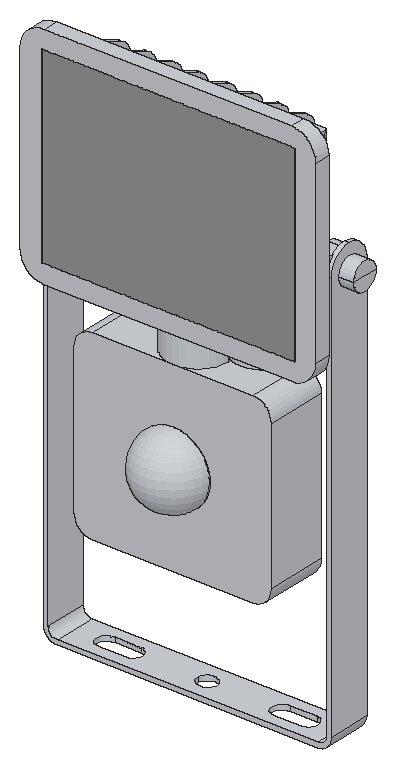
Revit family "0047114", category Lighting Fixtures, Revit 2017
Family settings
  Round Connector Dimension = Use Diameter
  Part Type = Normal
  OmniClass Number = 23.80.70.00
  OmniClass Title = Lighting
  Work Plane-Based = No
  Always vertical = Yes
  Cut with Voids When Loaded = No
  Light Source = Yes
  Shared = No
  Room Calculation Point = No
Parameters (values of type "0047114 SYLFLOOD IP54 PIR 950LM 830 BLACK")
  Weight = "2.85 kg"
  Wattage = 10 W
  WarrantyStartDate [instance] = "n/a"
  WarrantyGuarantorParts = "n/a"
  WarrantyDurationUnit = "n/a"
  WarrantyDurationParts = "n/a"
  WarrantyDescription = "n/a"
  built-in parameter 1150110 = 1 (stored number, unit not read)
  Voltage = 0 V
  URL = "http://www.sylvania-lighting.com"
  TypeName = "SylFlood IP54 PIR 950LM 830 Black"
  built-in parameter 1114217 = 1 (stored number, unit not read)
  Tilt Angle = 0.00°
  built-in parameter 1150109 = 1 (stored number, unit not read)
  built-in parameter 1150134 = (empty or 0)
  built-in parameter 1150113 = 1 (stored number, unit not read)
  SerialNumber [instance] = "n/a"
  PowerFactor = 0.9
  PowerConsumption = "10.0 W"
  Photometric Web File = "0047114.ies"
  NominalWidth = 0 mm
  NominalLength = 190 mm
  NominalHeight = 52 mm
  Name = "SylFlood IP54 PIR 950LM 830 Black"
  ModelReference = "SylFlood IP54 PIR 950LM 830 Black"
  ModelNumber = "0047114"
  Model = "SylFlood IP54 PIR 950LM 830 Black"
  Material_4_FEILO = none
  Material_3_FEILO = none
  Material_2_FEILO = Default New Material
  Material_1_FEILO = none
  Material = "n/a"
  ManufacturerName = "Feilo Sylvania"
  Manufacturer = "Feilo Sylvania"
  LuminousEfficacy = "95 lm/W"
  Lumens = 950 lm
  LuminaireType = ""
  built-in parameter 1150115 = 1 (stored number, unit not read)
  built-in parameter 1150105 = -350892 (stored number, unit not read)
  LightOutputRatio = "n/a"
  built-in parameter 1150137 = (empty or 0)
  built-in parameter 1150139 = (empty or 0)
  LampsType = "LED"
  LampNominalLuminous = "950 lm"
  LampMacAdamStep = "5"
  LampColourTemperature = "3000 K"
  LampColourRenderingIndex = "80"
  built-in parameter 1150112 = 1 (stored number, unit not read)
  built-in parameter 1150114 = 1 (stored number, unit not read)
  Lamp = "LED"
  LUM_WIDTH_SYL = if([0_18W_SYL], 57 mm, 48 mm)  # 48 mm
  LUM_HEIGHT_SYL = if([0_18W_SYL], 43 mm, 37 mm)  # 37 mm
  LUM_EXTR_ST_SYL = -5 mm
  LUM_EXTR_END_SYL = 0 mm
  LUM_DEPTH_SYL = 22 mm
  Keynote = "16500"
  InstallationDate [instance] = "n/a"
  InputVoltage = "n/a"
  InputNominalFrequency = "n/a"
  built-in parameter 1150132 = 2
  built-in parameter 1150102 = (empty or 0)
  built-in parameter 1150138 = (empty or 0)
  built-in parameter 1150107 = 3000 (stored number, unit not read)
  IngressProtection = "IP54"
  ImpactProtectionIndex = "IK06"
  built-in parameter 1150106 = -3508.9 (stored number, unit not read)
  IfcExportType = "IfcLightFixtureType"
  IfcExportAs = "IfcLightFixtureType"
  ElectricShockClassification = "Class I"
  built-in parameter 1150104 = 8.8258 (stored number, unit not read)
  DocumentationLiterature = "http://www.sylvania-lighting.com/product/en-int/products/0047114"
  DimmingControlOptions = "n/a"
  Dimming Lamp Color Temperature Shift = <None>
  DIF_WIDTH_SYL = if([0_18W_SYL], 49 mm, 41 mm)  # 41 mm
  DIF_HEIGHT_SYL = if([0_18W_SYL], 36 mm, 31 mm)  # 31 mm
  CreatedOn = "44168"
  CreatedBy = "@sylvania-lighting.com"
  Color Filter = 16777215
  ClassificationValue = "EF_70_80"
  ClassificationName = "Uniclass2015"
  CABLE_SIDE_DIST_SYL = 28.5 mm
  CABLE_LENGTH_SYL = 5 mm
  CABLE_FRONT_DIST_SYL = 14 mm
  CABLES_DIST_SYL = 39 mm
  BarCode [instance] = "n/a"
  built-in parameter 1114218 = 1 (stored number, unit not read)
  B_RAIL_R_DIST_SYL = 7 mm
  B_RAIL_HEIGHT_SYL = 21 mm
  B_RAIL_DEPTH_SYL = 44 mm
  B_RAIL_CHAMFER_SYL = 7 mm
  BRACKET_HOLDER_WIDTH_SYL = 12 mm
  BRACKET_HOLDER_HEIGHT_SYL = 15 mm
  BRACKET_HOLDER_DIST_SIDE_SYL = 2.8 mm
  BRACKET_HOLDER_DIST_BOTT_SYL = 22 mm
  BRACKET_HOLDER_DEPTH_SYL = 5.7 mm
  BOX_WIDTH_SYL = 36.5 mm
  BOX_TOP_DIST_SYL = 10.5 mm
  BOX_DEPTH_SYL = 13 mm
  BOX_BOTT_DIST_SYL = 28 mm
  BACK_RAIL_WIDTH_SYL = 1.4 mm
  BACK_RAIL_SIDE_DIST_SYL = 17.4 mm
  BACK_PL_EXTR_ST_SYL = -6 mm
  BACK_PL_EXTR_ST(-1)_SYL = BACK_PL_EXTR_ST_SYL * (-1)  # 6 mm
  BACK_PL_EXTR_END_SYL = -3 mm
  BACK_PL_EXTR_END(-1)_SYL = BACK_PL_EXTR_END_SYL * (-1)  # 3 mm
  built-in parameter 1150133 = 10 (stored number, unit not read)
  AssetType = "Fixed"
  AssetIdentifier [instance] = "n/a"
  Assembly Code = "D5020200"
  Apparent Load = 10 VA
  0_18W_SYL = no
Types (4, lengths in mm): name | TypeName | built-in parameter 1150134 | Photometric Web File | Name | ModelReference | ModelNumber | Model | LuminousEfficacy | Lumens | built-in parameter 1150105 | LampNominalLuminous | LampColourTemperature | built-in parameter 1150107 | built-in parameter 1150106 | built-in parameter 1150104 | DocumentationLiterature
  0047117 SYLFLOOD IP54 PIR 1000LM 840 WHITE | "SylFlood IP54 PIR 1000LM 840 White" | 12 | "0047117.ies" | "SylFlood IP54 PIR 1000LM 840 White" | "SylFlood IP54 PIR 1000LM 840 White" | "0047117" | "SylFlood IP54 PIR 1000LM 840 White" | "100 lm/W" | 1000 lm | -388800 (stored number, unit not read) | "1000 lm" | "4000 K" | 4000 (stored number, unit not read) | -3888 (stored number, unit not read) | 9.2903 (stored number, unit not read) | "http://www.sylvania-lighting.com/product/en-int/products/0047117"
  0047116 SYLFLOOD IP54 PIR 950LM 830 WHITE | "SylFlood IP54 PIR 950LM 830 White" | (empty or 0) | "0047116.ies" | "SylFlood IP54 PIR 950LM 830 White" | "SylFlood IP54 PIR 950LM 830 White" | "0047116" | "SylFlood IP54 PIR 950LM 830 White" | "95 lm/W" | 950 lm | -350892 (stored number, unit not read) | "950 lm" | "3000 K" | 3000 (stored number, unit not read) | -3508.9 (stored number, unit not read) | 8.8258 (stored number, unit not read) | "http://www.sylvania-lighting.com/product/en-int/products/0047116"
  0047115 SYLFLOOD IP54 PIR 1000LM 840 BLACK | "SylFlood IP54 PIR 1000LM 840 Black" | 12 | "0047115.ies" | "SylFlood IP54 PIR 1000LM 840 Black" | "SylFlood IP54 PIR 1000LM 840 Black" | "0047115" | "SylFlood IP54 PIR 1000LM 840 Black" | "100 lm/W" | 1000 lm | -388800 (stored number, unit not read) | "1000 lm" | "4000 K" | 4000 (stored number, unit not read) | -3888 (stored number, unit not read) | 9.2903 (stored number, unit not read) | "http://www.sylvania-lighting.com/product/en-int/products/0047115"
  0047114 SYLFLOOD IP54 PIR 950LM 830 BLACK | "SylFlood IP54 PIR 950LM 830 Black" | (empty or 0) | "0047114.ies" | "SylFlood IP54 PIR 950LM 830 Black" | "SylFlood IP54 PIR 950LM 830 Black" | "0047114" | "SylFlood IP54 PIR 950LM 830 Black" | "95 lm/W" | 950 lm | -350892 (stored number, unit not read) | "950 lm" | "3000 K" | 3000 (stored number, unit not read) | -3508.9 (stored number, unit not read) | 8.8258 (stored number, unit not read) | "http://www.sylvania-lighting.com/product/en-int/products/0047114"
Reference planes
  plane 1 "Light Source Axis (F/B)": y = 0
  plane 2: z = 0
  plane 3 "Light Source Axis (L/R)": x = 0
  plane 4 "Light Source Elevation": z = -0.469
  plane 5: x = 48
  plane 6: x = -48
  plane 7: z = 37
  plane 8: z = -37
  plane 9: x = 41
  plane 10: x = -41
  plane 11: z = 31
  plane 12: z = -31
  plane 13: y = 6
  plane 14: y = 3
  plane 15: x = -36.5
  plane 16: x = 36.5
  plane 17: y = 19
  plane 18: z = 26.5
  plane 19: z = -9
  plane 20: y = 22
  plane 21: z = -15
  plane 22: z = -3
  plane 23: y = 21
  plane 24: x = 45.2
  plane 25: x = 39.5
  plane 26: x = 19.5
  plane 27: x = -19.5
  plane 28: y = 14
  plane 29: z = -42
  plane 30: y = 21
  plane 31: z = 35
  plane 32: z = 28
  plane 33: x = 30.6
  plane 34: x = 29.2
  plane 35: x = 22.2
  plane 36: x = 20.8
  plane 37: x = 13.8
  plane 38: x = 12.4
  plane 39: x = 5.4
  plane 40: x = 4
Forms (mm)
  Extrusion 1, solid
    sketch origin (0, 0, 0) x (1, 0, 0) y (0, 0, 1)
      loop
        arc (-40, 37) -> (-45.657, 34.657) -> (-48, 29) r 8
        line (-48, 29) -> (-48, -29)
        arc (-48, -29) -> (-45.657, -34.657) -> (-40, -37) r 8
        line (-40, -37) -> (40, -37)
        arc (40, -37) -> (45.657, -34.657) -> (48, -29) r 8
        line (48, -29) -> (48, 29)
        arc (48, 29) -> (45.657, 34.657) -> (40, 37) r 8
        line (40, 37) -> (-40, 37)
      loop
        line (-41, 31) -> (-41, -31) -> (41, -31) -> (41, 31) -> (-41, 31)
    from -5 <- "LUM_EXTR_ST_SYL" to 0 <- "LUM_EXTR_END_SYL"
  Extrusion 2, solid, material "Default New Material" <- "Material_2_FEILO"
    sketch origin (0, 0, 0) x (1, 0, 0) y (0, 0, 1)
      loop
        line (-41, 31) -> (-41, -31) -> (41, -31) -> (41, 31) -> (-41, 31)
    from -3 <- "BACK_PL_EXTR_END_SYL" to 0 <- "LUM_EXTR_END_SYL"
  Extrusion 3, solid
    sketch origin (0, 0, 0) x (1, 0, 0) y (0, 0, 1)
      loop
        line (41, 31) -> (-41, 31) -> (-41, -31) -> (41, -31) -> (41, 31)
    from -6 <- "BACK_PL_EXTR_ST_SYL" to -3 <- "BACK_PL_EXTR_END_SYL"
  Extrusion 4, solid
    sketch origin (0, 0, 0) x (1, 0, 0) y (0, 1, 0)
      loop
        arc (-35.5, 19) -> (-36.207, 18.707) -> (-36.5, 18) r 1
        line (-36.5, 18) -> (-36.5, 6) -> (36.5, 6) -> (36.5, 18)
        arc (36.5, 18) -> (36.207, 18.707) -> (35.5, 19) r 1
        line (35.5, 19) -> (-35.5, 19)
    from -9 to 26.5
  Extrusion 5, solid
    sketch origin (0, 0, 0) x (1, 0, 0) y (0, 1, 0)
      loop
        arc (-28.5, 22) -> (-34.157, 19.657) -> (-36.5, 14) r 8
        line (-36.5, 14) -> (-36.5, 6) -> (36.5, 6) -> (36.5, 14)
        arc (36.5, 14) -> (34.157, 19.657) -> (28.5, 22) r 8
        line (28.5, 22) -> (-28.5, 22)
    from -31 to -9
  Extrusion 6, solid
    sketch origin (0, 0, 0) x (0, 1, 0) y (0, 0, 1)
      loop
        line (6, -3) -> (6, -15) -> (15, -15)
        arc (15, -15) -> (19.243, -13.243) -> (21, -9) r 6
        arc (21, -9) -> (19.243, -4.757) -> (15, -3) r 6
        line (15, -3) -> (6, -3)
      loop
        circle (15, -9) r 2.5
    from 39.5 to 45.2
  Extrusion 7, solid
    sketch origin (0, 0, 0) x (0, 1, 0) y (0, 0, -1)
      loop
        line (6, 3) -> (15, 3)
        arc (15, 3) -> (19.243, 4.757) -> (21, 9) r 6
        arc (21, 9) -> (19.243, 13.243) -> (15, 15) r 6
        line (15, 15) -> (6, 15) -> (6, 3)
      loop
        circle (15, 9) r 2.5
    from 39.5 to 45.2
  Extrusion 8, solid
    sketch origin (0, 0, 0) x (1, 0, 0) y (0, 1, 0)
      loop
        circle (-19.5, 14) r 7
      loop
        circle (19.5, 14) r 9
    from -42 to -31
  Extrusion 9, solid
    sketch origin (0, 0, 0) x (0, 1, 0) y (0, 0, 1)
      loop
        line (5, -9) -> (21, -9) -> (21, 24.73)
        arc (21, 24.73) -> (20.185, 27.467) -> (18.004, 29.311) r 5
        line (18.004, 29.311) -> (5, 35) -> (5, 28) -> (5, -9)
    from 29.2 to 30.6
  Extrusion 10, solid
    sketch origin (-1.583, 0.014, 0) x (0, 1, 0) y (0, 0, 1)
      loop
        line (5, -9) -> (21, -9) -> (21, 24.73)
        arc (21, 24.73) -> (20.185, 27.467) -> (18.004, 29.311) r 5
        line (18.004, 29.311) -> (5, 35) -> (5, 28) -> (5, -9)
    from 22.383 to 23.783
  Extrusion 11, solid
    sketch origin (-1.583, 0.014, 0) x (0, 1, 0) y (0, 0, 1)
      loop
        line (5, -9) -> (21, -9) -> (21, 24.73)
        arc (21, 24.73) -> (20.185, 27.467) -> (18.004, 29.311) r 5
        line (18.004, 29.311) -> (5, 35) -> (5, 28) -> (5, -9)
    from 5.583 to 6.983
  Extrusion 12, solid
    sketch origin (-1.583, 0.014, 0) x (0, 1, 0) y (0, 0, 1)
      loop
        line (5, -9) -> (21, -9) -> (21, 24.73)
        arc (21, 24.73) -> (20.185, 27.467) -> (18.004, 29.311) r 5
        line (18.004, 29.311) -> (5, 35) -> (5, 28) -> (5, -9)
    from 13.983 to 15.383
  Extrusion 13, solid
    sketch origin (0, 0, 0) x (0, 1, 0) y (0, 0, -1)
      loop
        line (5, 9) -> (5, -28) -> (5, -35) -> (18.004, -29.311)
        arc (18.004, -29.311) -> (20.185, -27.467) -> (21, -24.73) r 5
        line (21, -24.73) -> (21, 9) -> (5, 9)
    from 29.2 to 30.6
  Extrusion 14, solid
    sketch origin (1.583, 0.014, 0) x (0, 1, 0) y (0, 0, -1)
      loop
        line (5, 9) -> (5, -28) -> (5, -35) -> (18.004, -29.311)
        arc (18.004, -29.311) -> (20.185, -27.467) -> (21, -24.73) r 5
        line (21, -24.73) -> (21, 9) -> (5, 9)
    from 22.383 to 23.783
  Extrusion 15, solid
    sketch origin (1.583, 0.014, 0) x (0, 1, 0) y (0, 0, -1)
      loop
        line (5, 9) -> (5, -28) -> (5, -35) -> (18.004, -29.311)
        arc (18.004, -29.311) -> (20.185, -27.467) -> (21, -24.73) r 5
        line (21, -24.73) -> (21, 9) -> (5, 9)
    from 13.983 to 15.383
  Extrusion 16, solid
    sketch origin (1.583, 0.014, 0) x (0, 1, 0) y (0, 0, -1)
      loop
        line (5, 9) -> (5, -28) -> (5, -35) -> (18.004, -29.311)
        arc (18.004, -29.311) -> (20.185, -27.467) -> (21, -24.73) r 5
        line (21, -24.73) -> (21, 9) -> (5, 9)
    from 5.583 to 6.983
Cuts and joins
  joined: Extrusion 1, Extrusion 3, Extrusion 4, Extrusion 5
Dimensions and locks
  "LUM_WIDTH_SYL": plane 5 to plane 3 "Light Source Axis (L/R)" to plane 6
  "LUM_HEIGHT_SYL": plane 7 to plane 2 to plane 8
  "DIF_WIDTH_SYL": plane 9 to plane 3 "Light Source Axis (L/R)" to plane 10
  "DIF_HEIGHT_SYL": plane 11 to plane 2 to plane 12
  "BACK_PL_EXTR_ST(-1)_SYL": plane 1 "Light Source Axis (F/B)" to plane 13
  "BACK_PL_EXTR_END(-1)_SYL": plane 1 "Light Source Axis (F/B)" to plane 14
  "BOX_WIDTH_SYL": plane 15 to plane 3 "Light Source Axis (L/R)" to plane 16
  "BOX_DEPTH_SYL": plane 13 to plane 17
  "BOX_TOP_DIST_SYL": plane 18 to plane 7
  "BOX_BOTT_DIST_SYL": plane 8 to plane 19
  "LUM_DEPTH_SYL": plane 1 "Light Source Axis (F/B)" to plane 20
  "BRACKET_HOLDER_DIST_BOTT_SYL": plane 21 to plane 8
  "BRACKET_HOLDER_WIDTH_SYL": plane 22 to plane 21
  "BRACKET_HOLDER_HEIGHT_SYL": cut or joined group of Extrusion 1, Extrusion 3, Extrusion 4, Extrusion 5 to plane 23
  "BRACKET_HOLDER_DIST_SIDE_SYL": cut or joined group of Extrusion 1, Extrusion 3, Extrusion 4, Extrusion 5 to plane 24
  "BRACKET_HOLDER_DEPTH_SYL": plane 25 to plane 24
  "CABLES_DIST_SYL": plane 27 to plane 26
  "CABLE_SIDE_DIST_SYL": plane 26 to plane 5
  "CABLE_FRONT_DIST_SYL": cut or joined group of Extrusion 1, Extrusion 3, Extrusion 4, Extrusion 5 to plane 28
  "CABLE_LENGTH_SYL": plane 29 to cut or joined group of Extrusion 1, Extrusion 3, Extrusion 4, Extrusion 5
  "B_RAIL_HEIGHT_SYL": plane 30 to plane 1 "Light Source Axis (F/B)"
  "B_RAIL_DEPTH_SYL": plane 31 to plane 19
  "B_RAIL_CHAMFER_SYL": plane 31 to plane 32
  "BACK_RAIL_SIDE_DIST_SYL": plane 5 to plane 33
  "BACK_RAIL_WIDTH_SYL": plane 33 to plane 34
  "B_RAIL_R_DIST_SYL": plane 34 to plane 35
  "B_RAIL_R_DIST_SYL": plane 36 to plane 37
  "BACK_RAIL_WIDTH_SYL": plane 37 to plane 38
  "BACK_RAIL_WIDTH_SYL": plane 39 to plane 40
  "B_RAIL_R_DIST_SYL": plane 38 to plane 39
  aligned and locked: plane 4 "Light Source Elevation" to imposter light
  aligned and locked: level to plane 2
  aligned and locked: Extrusion 1 sketch curve to plane 7
  aligned and locked: plane 6 to Extrusion 1 sketch curve
  aligned and locked: plane 8 to Extrusion 1 sketch curve
  aligned and locked: Extrusion 1 sketch curve to plane 5
  aligned and locked: Extrusion 1 sketch curve to plane 11
  aligned and locked: plane 10 to Extrusion 1 sketch curve
  aligned and locked: plane 12 to Extrusion 1 sketch curve
  aligned and locked: Extrusion 1 sketch curve to plane 9
  aligned and locked: Extrusion 2 sketch curve to Extrusion 1  (x4)
  aligned and locked: Extrusion 3 sketch curve to Extrusion 1  (x4)
  aligned and locked: Extrusion 3 to Extrusion 2
  aligned and locked: plane 17 to Extrusion 4 sketch curve
  aligned and locked: plane 15 to Extrusion 4 sketch curve
  aligned and locked: Extrusion 4 sketch curve to plane 13
  aligned and locked: Extrusion 4 sketch curve to plane 16
  aligned and locked: plane 18 to Extrusion 4
  aligned and locked: Extrusion 4 to plane 19
  aligned and locked: plane 20 to Extrusion 5 sketch curve
  aligned and locked: plane 15 to Extrusion 5 sketch curve
  aligned and locked: cut or joined group of Extrusion 1, Extrusion 3, Extrusion 4, Extrusion 5 to Extrusion 5 sketch curve
  aligned and locked: Extrusion 5 sketch curve to cut or joined group of Extrusion 1, Extrusion 3, Extrusion 4, Extrusion 5
  aligned and locked: plane 19 to Extrusion 5
  aligned and locked: Extrusion 5 to plane 12
  aligned and locked: Extrusion 6 sketch curve to plane 22
  aligned and locked: Extrusion 6 sketch curve to plane 13
  aligned and locked: plane 21 to Extrusion 6 sketch curve
  aligned and locked: plane 25 to Extrusion 6
  aligned and locked: Extrusion 6 to plane 24
  aligned and locked: Extrusion 8 to Extrusion 2
  aligned and locked: Extrusion 8 to plane 29
  aligned and locked: cut or joined group of Extrusion 1, Extrusion 3, Extrusion 4, Extrusion 5 to Extrusion 9 sketch curve
  aligned and locked: Extrusion 9 sketch curve to Extrusion 6  (x2)
  aligned and locked: plane 33 to Extrusion 9
  aligned and locked: Extrusion 9 to plane 34
  aligned and locked: plane 35 to Extrusion 10
  aligned and locked: Extrusion 10 to plane 36
  aligned and locked: Extrusion 11 to plane 40
  aligned and locked: plane 39 to Extrusion 11
  aligned and locked: Extrusion 12 to plane 38
  aligned and locked: plane 37 to Extrusion 12
Automatic sketch dimensions
  plane 10 to Extrusion 1 sketch curve = 1 mm  (x2)
  Extrusion 1 sketch curve to plane 25 = 0.5 mm  (x2)
  plane 15 to Extrusion 4 sketch curve = 1 mm
  Extrusion 4 sketch curve to plane 16 = 1 mm
  Extrusion 5 sketch curve to plane 15 = 0 mm
  Extrusion 5 sketch curve to plane 28 = 0 mm  (x2)
  Extrusion 6 sketch curve to Extrusion 6 sketch curve = 0 mm  (x5)
  Extrusion 6 sketch curve to plane 23 = 0 mm
  Extrusion 7 sketch curve to Extrusion 7 sketch curve = 0 mm  (x6)
  Extrusion 7 sketch curve to plane 13 = 0 mm
  Extrusion 7 sketch curve to plane 21 = 0 mm
  Extrusion 7 sketch curve to plane 22 = 0 mm
  Extrusion 7 sketch curve to plane 23 = 0 mm
  Extrusion 8 sketch curve to plane 27 = 0 mm
  Extrusion 8 sketch curve to plane 26 = 0 mm
  Extrusion 8 sketch curve to plane 28 = 0 mm  (x2)
  Extrusion 9 sketch curve to plane 32 = 0 mm
  Extrusion 9 sketch curve to plane 31 = 0 mm
  plane 28 to Extrusion 9 sketch curve = 2 mm
  plane 17 to Extrusion 9 sketch curve = 0.996 mm
  plane 19 to Extrusion 10 sketch curve = 0 mm
  plane 13 to Extrusion 10 sketch curve = 0.986 mm
  plane 28 to Extrusion 10 sketch curve = 2.014 mm
  plane 17 to Extrusion 10 sketch curve = 0.982 mm
  Extrusion 10 sketch curve to plane 23 = 0.014 mm
  Extrusion 10 sketch curve to plane 18 = 1.77 mm
  plane 32 to Extrusion 10 sketch curve = 0 mm
  plane 19 to Extrusion 11 sketch curve = 0 mm
  plane 13 to Extrusion 11 sketch curve = 0.986 mm
  plane 28 to Extrusion 11 sketch curve = 2.014 mm
  plane 17 to Extrusion 11 sketch curve = 0.982 mm
  Extrusion 11 sketch curve to plane 23 = 0.014 mm
  Extrusion 11 sketch curve to plane 18 = 1.77 mm
  plane 32 to Extrusion 11 sketch curve = 0 mm
  plane 19 to Extrusion 12 sketch curve = 0 mm
  plane 13 to Extrusion 12 sketch curve = 0.986 mm
  plane 28 to Extrusion 12 sketch curve = 2.014 mm
  plane 17 to Extrusion 12 sketch curve = 0.982 mm
  Extrusion 12 sketch curve to plane 23 = 0.014 mm
  Extrusion 12 sketch curve to plane 18 = 1.77 mm
  plane 32 to Extrusion 12 sketch curve = 0 mm
  Extrusion 13 sketch curve to plane 19 = 0 mm
  Extrusion 13 sketch curve to plane 32 = 0 mm
  Extrusion 13 sketch curve to plane 31 = 0 mm
  Extrusion 13 sketch curve to plane 23 = 0 mm
  plane 17 to Extrusion 13 sketch curve = 0.996 mm
  Extrusion 13 sketch curve to plane 18 = 1.77 mm
  Extrusion 13 sketch curve to Extrusion 13 sketch curve = 2.004 mm
  plane 19 to Extrusion 14 sketch curve = 0 mm
  plane 13 to Extrusion 14 sketch curve = 0.986 mm
  plane 28 to Extrusion 14 sketch curve = 2.014 mm
  plane 17 to Extrusion 14 sketch curve = 0.982 mm
  Extrusion 14 sketch curve to plane 23 = 0.014 mm
  Extrusion 14 sketch curve to plane 18 = 1.77 mm
  plane 32 to Extrusion 14 sketch curve = 0 mm
  plane 19 to Extrusion 15 sketch curve = 0 mm
  plane 13 to Extrusion 15 sketch curve = 0.986 mm
  plane 28 to Extrusion 15 sketch curve = 2.014 mm
  plane 17 to Extrusion 15 sketch curve = 0.982 mm
  Extrusion 15 sketch curve to plane 23 = 0.014 mm
  Extrusion 15 sketch curve to plane 18 = 1.77 mm
  plane 32 to Extrusion 15 sketch curve = 0 mm
  plane 19 to Extrusion 16 sketch curve = 0 mm
  plane 13 to Extrusion 16 sketch curve = 0.986 mm
  plane 28 to Extrusion 16 sketch curve = 2.014 mm
  plane 17 to Extrusion 16 sketch curve = 0.982 mm
  Extrusion 16 sketch curve to plane 23 = 0.014 mm
  Extrusion 16 sketch curve to plane 18 = 1.77 mm
  plane 32 to Extrusion 16 sketch curve = 0 mm
  radius of Extrusion 6 sketch curve = 2.5 mm
  radius of Extrusion 7 sketch curve = 2.5 mm
  radius of Extrusion 8 sketch curve = 7 mm
  radius of Extrusion 8 sketch curve = 9 mm
Nested families
  nested 1: "START Flood Flat - 9W_bracket - PIR" at (0.801, 14.938, -108.511), type "START Flood Flat - 9W_bracket - PIR"
  nested 2: "bolt" at (46.701, 14.996, -8.984), type "bolt"
  nested 3: "bolt" at (-46.699, 15.001, -8.984) x (-1, 0, 0) z (0, 0, 1), type "bolt"
  nested 4: "PIR" at (0, 1.945, -77.05) x (-1, 0, 0) z (0, 0, 1), type "PIR"
Definition of nested family "START Flood Flat - 9W_bracket - PIR"
  Parameters (values of type "START Flood Flat - 9W_bracket - PIR")
    WIDTH_SYL = 93.4 mm
    THICKNESS_SYL = 1.5 mm
    Material_4_SYL = none
    Material_3_SYL = none
    Material_2_SYL = none
    Material_1_SYL = none
    HOLE_DIST_SYL = 8.5 mm
    HOLE2_DIST_SYL = 8 mm
    HEIGHT_SYL = 145 mm
    FILLET_SYL = 7 mm
    DEPTH_2_SYL = -7 mm
    DEPTH_1_SYL = 7 mm
    CUTOUT_DIST_SYL = 24.2 mm
  Reference planes
    plane 1 "Center (Front/Back)": y = 0
    plane 2: z = 0
    plane 3 "Center (Left/Right)": x = 0
    plane 4: x = -47.5
    plane 5: x = 45.9
    plane 6: z = -37.5
    plane 7: z = 107.5
    plane 8: x = -46
    plane 9: z = -36
    plane 10: x = 44.4
    plane 11: z = 99.5
    plane 12: z = 100.5
    plane 13: x = 24.2
    plane 14: x = -24.2
    plane 15: x = 32.7
    plane 16: x = -32.7
  Forms (mm)
    Extrusion 1, solid
      sketch origin (0, 0, 0) x (1, 0, 0) y (0, 0, 1)
        loop
          arc (-47.5, -33) -> (-46.182, -36.182) -> (-43, -37.5) r 4.5
          line (-43, -37.5) -> (41.4, -37.5)
          arc (41.4, -37.5) -> (44.582, -36.182) -> (45.9, -33) r 4.5
          line (45.9, -33) -> (45.9, 107.5) -> (44.4, 107.5) -> (44.4, -33)
          arc (44.4, -33) -> (43.521, -35.121) -> (41.4, -36) r 3
          line (41.4, -36) -> (-43, -36)
          arc (-43, -36) -> (-45.121, -35.121) -> (-46, -33) r 3
          line (-46, -33) -> (-46, 107.5) -> (-47.5, 107.5) -> (-47.5, -33)
      from -7 <- "DEPTH_2_SYL" to 7 <- "DEPTH_1_SYL"
    Extrusion 2, void
      sketch origin (0, 0, 0) x (0, 1, 0) y (0, 0, 1)
        loop
          circle (0, 99.5) r 3.15
      from -47.5 to 45.9
    Extrusion 3, void
      sketch origin (0, 0, 0) x (0, 1, 0) y (0, 0, 1)
        loop
          line (7, 100.5) -> (14.83, 113.08) -> (-15.17, 113.08) -> (-7, 100.5)
          arc (-7, 100.5) -> (-4.95, 105.45) -> (0, 107.5) r 7
          arc (0, 107.5) -> (4.95, 105.45) -> (7, 100.5) r 7
      from -47.5 to 45.9
    Extrusion 4, void
      sketch origin (0, 0, 0) x (1, 0, 0) y (0, 1, 0)
        loop
          circle (0, 0) r 3.25
        loop
          arc (-32.7, 3.25) -> (-35.95, 0) -> (-32.7, -3.25) r 3.25
          line (-32.7, -3.25) -> (-24.2, -3.25)
          arc (-24.2, -3.25) -> (-20.95, 0) -> (-24.2, 3.25) r 3.25
          line (-24.2, 3.25) -> (-32.7, 3.25)
        loop
          line (24.2, -3.25) -> (32.7, -3.25)
          arc (32.7, -3.25) -> (35.95, 0) -> (32.7, 3.25) r 3.25
          line (32.7, 3.25) -> (24.2, 3.25)
          arc (24.2, 3.25) -> (20.95, 0) -> (24.2, -3.25) r 3.25
      from -54.767 to -28.006
  Cuts and joins
    Extrusion 2, Extrusion 3, Extrusion 4 cuts Extrusion 1
  Dimensions and locks
    "THICKNESS_SYL": plane 8 to plane 4
    "THICKNESS_SYL": plane 5 to plane 10
    "WIDTH_SYL": plane 5 to plane 4
    "HEIGHT_SYL": plane 7 to plane 6
    "FILLET_SYL": plane 7 to plane 12
    "CUTOUT_DIST_SYL": plane 14 to plane 3 "Center (Left/Right)" to plane 13
    "HOLE_DIST_SYL": plane 16 to plane 14
    "HOLE_DIST_SYL": plane 13 to plane 15
    "HOLE2_DIST_SYL": plane 7 to plane 11
    aligned and locked: level to plane 2
    aligned and locked: plane 4 to Extrusion 1 sketch curve
    aligned and locked: plane 6 to Extrusion 1 sketch curve
    aligned and locked: Extrusion 1 sketch curve to plane 5
    aligned and locked: plane 8 to Extrusion 1 sketch curve
    aligned and locked: plane 9 to Extrusion 1 sketch curve
    aligned and locked: Extrusion 1 sketch curve to plane 10
    aligned and locked: plane 7 to Extrusion 1 sketch curve  (x2)
    aligned and locked: Extrusion 1 to Extrusion 2  (x2)
    aligned and locked: Extrusion 1 to Extrusion 3
    aligned and locked: Extrusion 3 to Extrusion 1
  Automatic sketch dimensions
    Extrusion 1 sketch curve to Extrusion 1 sketch curve = 0 mm
    plane 8 to Extrusion 1 sketch curve = 3 mm
    Extrusion 1 sketch curve to plane 10 = 3 mm
    Extrusion 1 sketch curve to Extrusion 1 sketch curve = 3 mm
    Extrusion 2 sketch curve to plane 1 "Center (Front/Back)" = 0 mm
    Extrusion 2 sketch curve to plane 11 = 0 mm
    Extrusion 3 sketch curve to Extrusion 3 sketch curve = 0 mm
    Extrusion 3 sketch curve to plane 12 = 0 mm
    Extrusion 3 sketch curve to plane 1 "Center (Front/Back)" = 0 mm
    Extrusion 3 sketch curve to plane 7 = 0 mm
    Extrusion 3 sketch curve to Extrusion 3 sketch curve = 8.17 mm
    plane 7 to Extrusion 3 sketch curve = 5.58 mm
    Extrusion 3 sketch curve to Extrusion 3 sketch curve = 7.83 mm
    plane 1 "Center (Front/Back)" to Extrusion 4 sketch curve = 0 mm  (x3)
    Extrusion 4 sketch curve to plane 16 = 0 mm
    Extrusion 4 sketch curve to plane 14 = 0 mm
    Extrusion 4 sketch curve to plane 3 "Center (Left/Right)" = 0 mm
    Extrusion 4 sketch curve to plane 13 = 0 mm
    Extrusion 4 sketch curve to plane 15 = 0 mm
    plane 1 "Center (Front/Back)" to Extrusion 4 sketch curve = 3.25 mm  (x2)
    radius of Extrusion 2 sketch curve = 3.15 mm
    radius of Extrusion 4 sketch curve = 3.25 mm
Definition of nested family "bolt"
  Parameters (values of type "bolt")
    Material_4_SYL = none
    Material_3_SYL = none
    Material_2_SYL = none
    Material_1_SYL = none
  Reference planes
    plane 1 "Center (Front/Back)": y = 0
    plane 2: z = 0
    plane 3 "Center (Left/Right)": x = 0
    plane 4: x = 5
    plane 5: x = -10
    plane 6: y = 2.5
    plane 7: y = -2.5
    plane 8: y = 4.5
    plane 9: y = -4.5
  Forms (mm)
    Revolve 1, solid
      sketch origin (0, 0, 0) x (1, 0, 0) y (0, 1, 0)
        loop
          line (5, 0) -> (-10, 0) -> (-10, -2.5) -> (0, -2.5) -> (0, -4.5) -> (5, -4.5) -> (5, 0)
        axis (5, 0) -> (-10, 0)
      angle from 0 to 360
  Dimensions and locks
    aligned and locked: level to plane 2
Definition of nested family "PIR"
  Parameters (values of type "PIR")
    Material_4_SYL = none
    Material_3_SYL = none
    Material_2_SYL = none
    Material_1_SYL = none
  Reference planes
    plane 1 "Center (Front/Back)": y = 0
    plane 2: z = 0
    plane 3 "Center (Left/Right)": x = 0
    plane 4: z = -30
    plane 5: z = 30
    plane 6: x = 32
    plane 7: x = -32
    plane 8: x = 12
    plane 9: z = 12
    plane 10: z = -12
    plane 11: z = 46
    plane 12: x = 10
    plane 13: y = -10
  Forms (mm)
    Extrusion 1, solid
      sketch origin (0, 0, 0) x (1, 0, 0) y (0, 0, 1)
        loop
          arc (-26, 30) -> (-30.243, 28.243) -> (-32, 24) r 6
          line (-32, 24) -> (-32, -24)
          arc (-32, -24) -> (-30.243, -28.243) -> (-26, -30) r 6
          line (-26, -30) -> (26, -30)
          arc (26, -30) -> (30.243, -28.243) -> (32, -24) r 6
          line (32, -24) -> (32, 24)
          arc (32, 24) -> (30.243, 28.243) -> (26, 30) r 6
          line (26, 30) -> (-26, 30)
      from 0 to 20
    Revolve 2, solid
      sketch origin (0, 0, 0) x (1, 0, 0) y (0, 0, 1)
        loop
          line (0, 12) -> (0, -12)
          arc (0, -12) -> (12, 0) -> (0, 12) r 12
        axis (0, 12) -> (0, -12)
      angle from 0 to 360
    Extrusion 3, solid
      sketch origin (0, 0, 0) x (1, 0, 0) y (0, 1, 0)
        loop
          circle (0, -10) r 10
      from 30 to 46
  Dimensions and locks
    aligned and locked: level to plane 2
    aligned and locked: Extrusion 1 sketch curve to plane 5
    aligned and locked: plane 7 to Extrusion 1 sketch curve
    aligned and locked: plane 4 to Extrusion 1 sketch curve
    aligned and locked: Extrusion 1 sketch curve to plane 6
    aligned and locked: plane 3 "Center (Left/Right)" to Revolve 2 sketch curve
    aligned and locked: plane 10 to Revolve 2 sketch curve
    aligned and locked: Revolve 2 sketch curve to plane 3 "Center (Left/Right)"
    aligned and locked: plane 11 to Extrusion 3
    aligned and locked: Extrusion 3 to plane 5
